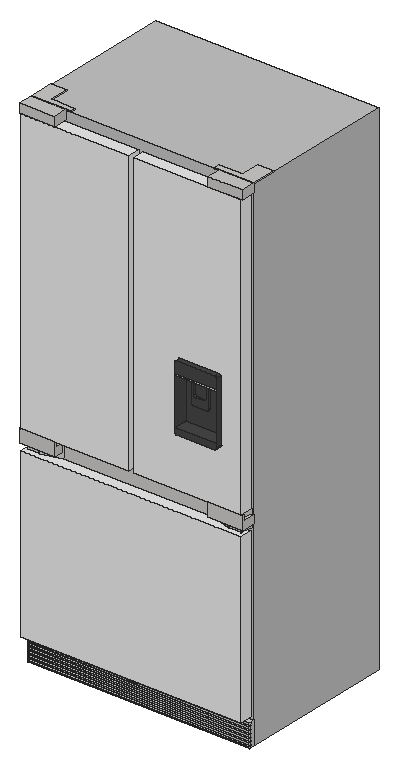
Revit family "FP_Revit_18_RS80AU1_Fridge_90001175A", category Specialty Equipment, Revit 2018 (continued)
Definition of nested family "F&P Handle Kit - Contemporary Square - Vertical"
  Types (11, lengths in mm): name | Handle - Length
    AHD3RD6121W - Contemporary square handle (1 of 2) (Vertical) 727mm | 727
    AHD3RD7621W - Contemporary square handle (1 of 2) (Vertical) 727mm | 727
    RS36A - Contemporary square handle (1 of 2) (Vertical) 727mm | 727
    RS90A - Contemporary square handle (1 of 2) (Vertical) 727mm | 727
  Reference planes
    plane 1 "Center (Front/Back)": y = 0
    plane 2: z = 0
    plane 3 "Center (Left/Right)": x = 0
    plane 4 "Top": z = 363.5
    plane 5 "Bottom": z = -363.5
    plane 6 "Top Standoff": z = 243.5
    plane 7 "Bottom Standoff": z = -243.5
  Forms (mm)
    Extrusion 1, solid, material <- "Material - Handle", detail levels fine
      sketch origin (0, 0, 0) x (1, 0, 0) y (0, 1, 0)
        loop
          arc (-7.583, -28.701) -> (-7.89, -29.057) -> (-8, -29.514) r 1
          line (-8, -29.514) -> (-8, -40.5)
          arc (-8, -40.5) -> (-7.561, -41.561) -> (-6.5, -42) r 1.5
          line (-6.5, -42) -> (6.5, -42)
          arc (6.5, -42) -> (7.561, -41.561) -> (8, -40.5) r 1.5
          line (8, -40.5) -> (8, -29.487)
          arc (8, -29.487) -> (7.889, -29.029) -> (7.58, -28.673) r 1
          arc (7.58, -28.673) -> (-0.006, -26.256) -> (-7.583, -28.701) r 13.038
      from -363.5 to 363.5
    Extrusion 2, solid, material <- "Material - Handle", detail levels fine
      sketch origin (0, 0, 0) x (1, 0, 0) y (0, 1, 0)
        loop
          arc (7.058, -28.23) -> (7.466, -28.244) -> (7.674, -27.893) r 0.4
          line (7.674, -27.893) -> (7.674, 0) -> (-7.674, 0) -> (-7.674, -27.86)
          arc (-7.674, -27.86) -> (-7.467, -28.21) -> (-7.06, -28.198) r 0.4
          arc (-7.06, -28.198) -> (0.004, -26.156) -> (7.058, -28.23) r 13.136
      from 243.5 to 363.5
    Extrusion 3, solid, material <- "Material - Handle", detail levels fine
      sketch origin (0, 0, 0) x (1, 0, 0) y (0, 1, 0)
        loop
          arc (7.058, -28.23) -> (7.466, -28.244) -> (7.674, -27.893) r 0.4
          line (7.674, -27.893) -> (7.674, 0) -> (-7.674, 0) -> (-7.674, -27.86)
          arc (-7.674, -27.86) -> (-7.467, -28.21) -> (-7.06, -28.198) r 0.4
          arc (-7.06, -28.198) -> (0.004, -26.156) -> (7.058, -28.23) r 13.136
      from -363.5 to -243.5
    Sweep 4, void
      path in 3D
        loop
          line (-8, -29.514, 363.5) -> (-8, -40.5, 363.5)
          arc (-8, -40.5, 363.5) -> (-7.561, -41.561, 363.5) -> (-6.5, -42, 363.5) r 1.5
          line (-6.5, -42, 363.5) -> (6.5, -42, 363.5)
          arc (6.5, -42, 363.5) -> (7.561, -41.561, 363.5) -> (8, -40.5, 363.5) r 1.5
          line (8, -40.5, 363.5) -> (8, -29.487, 363.5)
      profile origin (8, -34.994, 363.5) x (-1, 0, 0) y (0, 0, 1)
        loop
          line (0, 0) -> (0, -1.3) -> (1.3, 0) -> (0, 0)
    Sweep 5, void
      path in 3D
        loop
          line (8, -29.487, -363.5) -> (8, -40.5, -363.5)
          arc (8, -40.5, -363.5) -> (7.561, -41.561, -363.5) -> (6.5, -42, -363.5) r 1.5
          line (6.5, -42, -363.5) -> (-6.5, -42, -363.5)
          arc (-6.5, -42, -363.5) -> (-7.561, -41.561, -363.5) -> (-8, -40.5, -363.5) r 1.5
          line (-8, -40.5, -363.5) -> (-8, -29.514, -363.5)
      profile origin (8, -34.994, -363.5) x (-1, 0, 0) y (0, 0, -1)
        loop
          line (0, 0) -> (0, -1.3) -> (1.3, 0) -> (0, 0)
    Extrusion 6, void
      sketch origin (0, 0, 0) x (1, 0, 0) y (0, 0, 1)
        loop
          line (-8, -362.2) -> (-8, -363.5) -> (-6.7, -363.5) -> (-8, -362.2)
        loop
          line (8, -362.2) -> (6.7, -363.5) -> (8, -363.5) -> (8, -362.2)
      from 0 to 40
    Extrusion 7, void
      sketch origin (0, 0, 0) x (1, 0, 0) y (0, 0, 1)
        loop
          line (-8, 363.5) -> (-8, 362.2) -> (-6.7, 363.5) -> (-8, 363.5)
        loop
          line (8, 363.5) -> (6.7, 363.5) -> (8, 362.2) -> (8, 363.5)
      from 0 to 40
    Extrusion 8, solid, material <- "Material - Handle", detail levels coarse+medium
      sketch origin (0, 0, 0) x (0, 1, 0) y (0, 0, 1)
        loop
          line (0, 363.5) -> (-42, 363.5) -> (-42, -363.5) -> (0, -363.5) -> (0, -243.5) -> (-26.245, -243.5) -> (-26.245, 243.5) -> (0, 243.5) -> (0, 363.5)
      from -8 to 8
  Cuts and joins
    Sweep 4, Sweep 5, Extrusion 6, Extrusion 7 cuts Extrusion 1
    Extrusion 6 cuts Extrusion 3
    Extrusion 7 cuts Extrusion 2
  Lines and regions (mm)
    sketch lines
      curve 1: line (8, -40.5, 363.5) -> (8, -29.487, 363.5)
      curve 2: arc (8, -40.5, 363.5) -> (7.561, -41.561, 363.5) -> (6.5, -42, 363.5) r 1.5
      curve 3: line (-6.5, -42, 363.5) -> (6.5, -42, 363.5)
      curve 4: arc (-6.5, -42, 363.5) -> (-7.561, -41.561, 363.5) -> (-8, -40.5, 363.5) r 1.5
      curve 5: line (-8, -29.514, 363.5) -> (-8, -40.5, 363.5)
      curve 6: line (8, -29.487, -363.5) -> (8, -40.5, -363.5)
      curve 7: arc (6.5, -42, -363.5) -> (7.561, -41.561, -363.5) -> (8, -40.5, -363.5) r 1.5
      curve 8: line (6.5, -42, -363.5) -> (-6.5, -42, -363.5)
      curve 9: arc (-8, -40.5, -363.5) -> (-7.561, -41.561, -363.5) -> (-6.5, -42, -363.5) r 1.5
      curve 10: line (-8, -40.5, -363.5) -> (-8, -29.514, -363.5)
  Dimensions and locks
    equal spacing: plane 4 "Top", level, plane 5 "Bottom"
    "Handle - Length": plane 4 "Top" to plane 5 "Bottom"
    locked: plane 4 "Top" to plane 6 "Top Standoff" at 120
    locked: plane 7 "Bottom Standoff" to plane 5 "Bottom" at 120
    aligned and locked: level to plane 2
    aligned and locked: plane 4 "Top" to Extrusion 2
    aligned and locked: Extrusion 2 to plane 6 "Top Standoff"
    aligned and locked: plane 4 "Top" to Extrusion 1
    aligned and locked: Extrusion 1 to plane 5 "Bottom"
    aligned and locked: Extrusion 3 to plane 5 "Bottom"
    aligned and locked: plane 7 "Bottom Standoff" to Extrusion 3
    aligned and locked: plane 4 "Top" to Extrusion 8 sketch curve
    aligned and locked: plane 6 "Top Standoff" to Extrusion 8 sketch curve
    aligned and locked: plane 7 "Bottom Standoff" to Extrusion 8 sketch curve
    aligned and locked: plane 5 "Bottom" to Extrusion 8 sketch curve
    aligned and locked: plane 1 "Center (Front/Back)" to Extrusion 8 sketch curve  (x2)
  Automatic sketch dimensions
    Extrusion 1 sketch curve to plane 3 "Center (Left/Right)" = 8 mm
    Extrusion 1 sketch curve to Extrusion 1 sketch curve = 1 mm  (x2)
    Extrusion 1 sketch curve to Extrusion 1 sketch curve = 1.5 mm
    plane 3 "Center (Left/Right)" to Extrusion 1 sketch curve = 0.018 mm
    plane 3 "Center (Left/Right)" to Extrusion 1 sketch curve = 6.5 mm
    plane 3 "Center (Left/Right)" to Extrusion 1 sketch curve = 7 mm
    plane 1 "Center (Front/Back)" to Extrusion 1 sketch curve = 42 mm
    Extrusion 1 sketch curve to Extrusion 1 sketch curve = 1.206 mm
    Extrusion 1 sketch curve to Extrusion 1 sketch curve = 10.986 mm
    Extrusion 1 sketch curve to Extrusion 1 sketch curve = 11.013 mm
    Extrusion 1 sketch curve to Extrusion 1 sketch curve = 0 mm
    plane 1 "Center (Front/Back)" to Extrusion 2 sketch curve = 0 mm
    Extrusion 2 sketch curve to plane 3 "Center (Left/Right)" = 7.674 mm
    Extrusion 2 sketch curve to Extrusion 2 sketch curve = 0.4 mm  (x2)
    Extrusion 2 sketch curve to plane 3 "Center (Left/Right)" = 0.026 mm
    plane 3 "Center (Left/Right)" to Extrusion 2 sketch curve = 7.274 mm
    plane 1 "Center (Front/Back)" to Extrusion 2 sketch curve = 27.86 mm
    Extrusion 2 sketch curve to Extrusion 2 sketch curve = 0.033 mm
    Extrusion 2 sketch curve to Extrusion 2 sketch curve = 11.398 mm
    Extrusion 2 sketch curve to Extrusion 2 sketch curve = 0 mm
    plane 1 "Center (Front/Back)" to Extrusion 3 sketch curve = 0 mm
    Extrusion 3 sketch curve to Extrusion 3 sketch curve = 0.4 mm  (x2)
    Extrusion 3 sketch curve to Extrusion 3 sketch curve = 7.248 mm
    Extrusion 3 sketch curve to Extrusion 3 sketch curve = 7.3 mm
    plane 1 "Center (Front/Back)" to Extrusion 3 sketch curve = 27.86 mm
    Extrusion 3 sketch curve to Extrusion 3 sketch curve = 0.033 mm
    Extrusion 3 sketch curve to Extrusion 3 sketch curve = 11.398 mm
    Extrusion 3 sketch curve to Extrusion 3 sketch curve = 0 mm
    Sweep 4 sketch curve to profile plane = 0 mm  (x2)
    Sweep 4 sketch curve to profile plane = 1.3 mm  (x2)
    Sweep 5 sketch curve to profile plane = 0 mm  (x2)
    Sweep 5 sketch curve to profile plane = 1.3 mm  (x2)
    Extrusion 6 sketch curve to plane 5 "Bottom" = 0 mm  (x2)
    plane 5 "Bottom" to Extrusion 6 sketch curve = 1.3 mm  (x2)
    Extrusion 6 sketch curve to plane 3 "Center (Left/Right)" = 8 mm
    Extrusion 6 sketch curve to Extrusion 6 sketch curve = 1.3 mm  (x2)
    plane 3 "Center (Left/Right)" to Extrusion 6 sketch curve = 8 mm
    Extrusion 7 sketch curve to plane 4 "Top" = 0 mm  (x2)
    Extrusion 7 sketch curve to plane 3 "Center (Left/Right)" = 8 mm
    Extrusion 7 sketch curve to Extrusion 7 sketch curve = 1.3 mm  (x2)
    plane 3 "Center (Left/Right)" to Extrusion 7 sketch curve = 8 mm
    Extrusion 7 sketch curve to plane 4 "Top" = 1.3 mm  (x2)
    plane 1 "Center (Front/Back)" to Extrusion 8 sketch curve = 26.245 mm
    plane 1 "Center (Front/Back)" to Extrusion 8 sketch curve = 42 mm
    Extrusion 3 sketch curve to plane 3 "Center (Left/Right)" = 7.674 mm
Definition of nested family "F&P Handle Kit - Contemporary Square Fine - Horizontal"
  Parameters (values of type "AHD5RD2484W - Contemporary square fine handle (2 of 2) (Horizontal) 494mm")
    URL = "www.fisherpaykel.com"
    Material - Handle = none
    Manufacturer = "Fisher & Paykel Appliances"
    Handle - Length = 494 mm
  Types (15, lengths in mm): name | Handle - Length
    (no name) | 494
    AHD5RD2484W - Contemporary square fine handle (2 of 2) (Horizontal) 494mm | 494
    AHD5RD2484WB - Contemporary square fine black handle (2 of 2) (Horizontal) 494mm | 494
    AHD5RD3084W - Contemporary square fine handle (2 of 2) (Horizontal) 646mm | 646
    AHD5RD3084WB - Contemporary square fine black handle (2 of 2) (Horizontal) 646mm | 646
    AHD5RD7621W - Contemporary square fine handle (2 of 2) (Horizontal) 646mm | 646
    AHD5RD7621WB - Contemporary square fine handle black (2 of 2) (Horizontal) 646mm | 646
    AHD5RD6121W - Contemporary square fine handle (2 of 2) (Horizontal) 494mm | 494
    AHD5RD6121WB - Contemporary square fine handle black (2 of 2) (Horizontal) 494mm | 494
    AHD5RD36A - Contemporary square fine handle (2 of 2) (Horizontal) 746mm | 746
    AHD5RD36AB - Contemporary square fine black handle (2 of 2) (Horizontal) 746mm | 746
    AHD5RD90A - Contemporary square fine handle (2 of 2) (Horizontal) 746mm | 746
    AHD5RD80A - Contemporary square fine handle (2 of 2) (Horizontal) 646mm | 646
    AHD5RD80AB - Contemporary square fine black handle (2 of 2) (Horizontal) 646mm | 646
    AHD5RD90AB - Contemporary square fine black handle (2 of 2) (Horizontal) 746mm | 746
  Reference planes
    plane 1 "Center (Front/Back)": y = 0
    plane 2: z = 0
    plane 3 "Center (Left/Right)": x = 0
    plane 4 "Product LHS": x = -247
    plane 5 "Product RHS": x = 247
    plane 6 "LHS Standoff": x = -126.995
    plane 7 "RHS Standoff": x = 127.005
  Forms (mm)
    Extrusion 1, solid, material <- "Material - Handle", detail levels fine
      sketch origin (0, 0, 0) x (0, 1, 0) y (0, 0, 1)
        loop
          arc (-26.813, 6.16) -> (-27.196, 6.554) -> (-27.728, 6.686) r 1
          line (-27.728, 6.686) -> (-40.035, 6.256)
          arc (-40.035, 6.256) -> (-40.719, 5.951) -> (-41, 5.257) r 1
          line (-41, 5.257) -> (-41, -5.257)
          arc (-41, -5.257) -> (-40.719, -5.951) -> (-40.035, -6.256) r 1
          line (-40.035, -6.256) -> (-27.709, -6.686)
          arc (-27.709, -6.686) -> (-27.175, -6.554) -> (-26.792, -6.158) r 1
          arc (-26.792, -6.158) -> (-25.256, 0.004) -> (-26.813, 6.16) r 13.038
      from -247 to 247
    Extrusion 2, solid, material <- "Material - Handle", detail levels fine
      sketch origin (0, 0, 0) x (0, 1, 0) y (0, 0, 1)
        loop
          arc (-26.626, -6.008) -> (-26.614, -6.49) -> (-26.2, -6.737) r 0.5
          line (-26.2, -6.737) -> (0, -7.696) -> (0, 7.704) -> (-26.174, 6.747)
          arc (-26.174, 6.747) -> (-26.587, 6.5) -> (-26.6, 6.019) r 0.5
          arc (-26.6, 6.019) -> (-25.156, 0.002) -> (-26.626, -6.008) r 13.136
      from 127.005 to 247
    Extrusion 3, solid, material <- "Material - Handle", detail levels coarse+medium
      sketch origin (0, 0, 0) x (1, 0, 0) y (0, 1, 0)
        loop
          line (-247, -42) -> (247, -42) -> (247, 0) -> (127.005, 0) -> (127.005, -26.156) -> (-126.995, -26.156) -> (-126.995, 0) -> (-247, 0) -> (-247, -42)
      from -8.022 to 7.978
    Extrusion 4, solid, material <- "Material - Handle", detail levels fine
      sketch origin (0, 0, 0) x (0, 1, 0) y (0, 0, 1)
        loop
          arc (-26.626, -6.008) -> (-26.614, -6.49) -> (-26.2, -6.737) r 0.5
          line (-26.2, -6.737) -> (0, -7.696) -> (0, 7.704) -> (-26.174, 6.747)
          arc (-26.174, 6.747) -> (-26.587, 6.5) -> (-26.6, 6.019) r 0.5
          arc (-26.6, 6.019) -> (-25.156, 0.002) -> (-26.626, -6.008) r 13.136
      from -247 to -126.995
  Dimensions and locks
    equal spacing: plane 4 "Product LHS", plane 3 "Center (Left/Right)", plane 5 "Product RHS"
    "Handle - Length": plane 4 "Product LHS" to plane 5 "Product RHS"
    locked: plane 4 "Product LHS" to plane 6 "LHS Standoff" at 120.005
    locked: plane 7 "RHS Standoff" to plane 5 "Product RHS" at 119.995
    aligned and locked: level to plane 2
    aligned and locked: Extrusion 1 to plane 5 "Product RHS"
    aligned and locked: plane 4 "Product LHS" to Extrusion 1
    aligned and locked: Extrusion 2 to plane 5 "Product RHS"
    aligned and locked: plane 4 "Product LHS" to Extrusion 3 sketch curve
    aligned and locked: Extrusion 3 sketch curve to plane 5 "Product RHS"
    aligned and locked: Extrusion 3 sketch curve to plane 7 "RHS Standoff"
    aligned and locked: plane 6 "LHS Standoff" to Extrusion 3 sketch curve
    aligned and locked: plane 4 "Product LHS" to Extrusion 4
    aligned and locked: plane 6 "LHS Standoff" to Extrusion 4
    aligned and locked: Extrusion 2 to plane 7 "RHS Standoff"
  Automatic sketch dimensions
    Extrusion 1 sketch curve to level = 5.257 mm
    plane 1 "Center (Front/Back)" to Extrusion 1 sketch curve = 41 mm
    level to Extrusion 1 sketch curve = 6.256 mm
    Extrusion 1 sketch curve to Extrusion 1 sketch curve = 0.965 mm  (x2)
    Extrusion 1 sketch curve to level = 6.256 mm
    Extrusion 1 sketch curve to Extrusion 1 sketch curve = 0.035 mm  (x3)
    Extrusion 1 sketch curve to level = 0.018 mm
    Extrusion 1 sketch curve to Extrusion 1 sketch curve = 1.706 mm
    level to Extrusion 1 sketch curve = 6.686 mm
    Extrusion 1 sketch curve to Extrusion 1 sketch curve = 12.307 mm
    Extrusion 1 sketch curve to level = 6.686 mm
    Extrusion 1 sketch curve to Extrusion 1 sketch curve = 12.326 mm
    Extrusion 1 sketch curve to Extrusion 1 sketch curve = 0.999 mm  (x2)
    Extrusion 1 sketch curve to Extrusion 1 sketch curve = 0 mm
    Extrusion 2 sketch curve to plane 1 "Center (Front/Back)" = 0 mm
    level to Extrusion 2 sketch curve = 6.247 mm
    plane 1 "Center (Front/Back)" to Extrusion 2 sketch curve = 26.155 mm
    level to Extrusion 2 sketch curve = 6.747 mm
    Extrusion 2 sketch curve to Extrusion 2 sketch curve = 0.018 mm  (x2)
    Extrusion 2 sketch curve to level = 6.238 mm
    Extrusion 2 sketch curve to Extrusion 2 sketch curve = 0.026 mm
    Extrusion 2 sketch curve to level = 6.737 mm
    level to Extrusion 2 sketch curve = 0.03 mm
    Extrusion 2 sketch curve to Extrusion 2 sketch curve = 12.11 mm
    Extrusion 2 sketch curve to level = 7.696 mm
    level to Extrusion 2 sketch curve = 7.704 mm
    Extrusion 2 sketch curve to Extrusion 2 sketch curve = 0 mm
    plane 1 "Center (Front/Back)" to Extrusion 3 sketch curve = 42 mm
    Extrusion 3 sketch curve to Extrusion 3 sketch curve = 15.844 mm
    Extrusion 3 sketch curve to Extrusion 3 sketch curve = 26.156 mm  (x2)
    level to Extrusion 4 sketch curve = 0.03 mm
    plane 1 "Center (Front/Back)" to Extrusion 4 sketch curve = 38.291 mm
    Extrusion 4 sketch curve to level = 6.737 mm
    Extrusion 4 sketch curve to Extrusion 4 sketch curve = 12.091 mm
    Extrusion 4 sketch curve to Extrusion 4 sketch curve = 0.018 mm  (x2)
    level to Extrusion 4 sketch curve = 6.747 mm
    Extrusion 4 sketch curve to Extrusion 4 sketch curve = 0.008 mm
    level to Extrusion 4 sketch curve = 7.704 mm
    Extrusion 4 sketch curve to Extrusion 4 sketch curve = 26.174 mm
    Extrusion 4 sketch curve to level = 7.696 mm
    Extrusion 4 sketch curve to Extrusion 4 sketch curve = 0.5 mm  (x2)
    Extrusion 4 sketch curve to Extrusion 4 sketch curve = 0 mm
Definition of nested family "F&P Handle Kit - Contemporary Square Fine - Vertical"
  Parameters (values of type "AHD5RD90AB - Contemporary square fine black handle (1 of 2) (Vertical) 727mm")
    URL = "www.fisherpaykel.com"
    Material - Handle = none
    Manufacturer = "Fisher & Paykel Appliances"
    Handle - Length = 727 mm
  Types (14): name
    AHD5RD2484W - Contemporary square fine handle (1 of 2) (Vertical) 727mm
    AHD5RD2484WB - Contemporary square fine black handle (1 of 2) (Vertical) 727mm
    AHD5RD3084W - Contemporary square fine handle (1 of 2) (Vertical) 727mm
    AHD5RD3084WB - Contemporary square fine black handle (1 of 2) (Vertical) 727mm
    AHD5RD6121W - Contemporary square fine handle (1 of 2) (Vertical) 727mm
    AHD5RD6121WB - Contemporary square fine black handle (1 of 2) (Vertical) 727mm
    AHD5RD7621W - Contemporary square fine handle (1 of 2) (Vertical) 727mm
    AHD5RD7621WB - Contemporary square fine black handle (1 of 2) (Vertical) 727mm
    AHD5RD36A - Contemporary square fine handle (1 of 2) (Vertical) 727mm
    AHD5RD36AB - Contemporary square fine black handle (1 of 2) (Vertical) 727mm
    AHD5RD80A - Contemporary square fine handle (1 of 2) (Vertical) 727mm
    AHD5RD90A - Contemporary square fine handle (1 of 2) (Vertical) 727mm
    AHD5RD80AB - Contemporary square fine black handle (1 of 2) (Vertical) 727mm
    AHD5RD90AB - Contemporary square fine black handle (1 of 2) (Vertical) 727mm
  Reference planes
    plane 1 "Center (Front/Back)": y = 0
    plane 2: z = 0
    plane 3 "Center (Left/Right)": x = 0
    plane 4 "Top": z = 363.5
    plane 5 "Bottom": z = -363.5
    plane 6 "Top Standoff": z = 243.5
    plane 7 "Bottom Standoff": z = -243.5
  Forms (mm)
    Extrusion 1, solid, material <- "Material - Handle", detail levels fine
      sketch origin (0, 0, 0) x (1, 0, 0) y (0, 1, 0)
        loop
          arc (-6.16, -26.813) -> (-6.554, -27.196) -> (-6.686, -27.728) r 1
          line (-6.686, -27.728) -> (-6.256, -40.035)
          arc (-6.256, -40.035) -> (-5.951, -40.719) -> (-5.257, -41) r 1
          line (-5.257, -41) -> (5.257, -41)
          arc (5.257, -41) -> (5.951, -40.719) -> (6.256, -40.035) r 1
          line (6.256, -40.035) -> (6.686, -27.709)
          arc (6.686, -27.709) -> (6.554, -27.175) -> (6.158, -26.792) r 1
          arc (6.158, -26.792) -> (-0.004, -25.256) -> (-6.16, -26.813) r 13.038
      from -363.5 to 363.5
    Extrusion 2, solid, material <- "Material - Handle", detail levels fine
      sketch origin (0, 0, 0) x (1, 0, 0) y (0, 1, 0)
        loop
          arc (6.012, -26.626) -> (6.494, -26.614) -> (6.741, -26.2) r 0.5
          line (6.741, -26.2) -> (7.7, 0) -> (-7.7, 0) -> (-6.742, -26.174)
          arc (-6.742, -26.174) -> (-6.496, -26.587) -> (-6.015, -26.6) r 0.5
          arc (-6.015, -26.6) -> (0.002, -25.156) -> (6.012, -26.626) r 13.136
      from 243.5 to 363.5
    Extrusion 3, solid, material <- "Material - Handle", detail levels coarse+medium
      sketch origin (0, 0, 0) x (0, 1, 0) y (0, 0, 1)
        loop
          line (0, 363.5) -> (-42, 363.5) -> (-42, -363.5) -> (0, -363.5) -> (0, -243.5) -> (-26.245, -243.5) -> (-26.245, 243.5) -> (0, 243.5) -> (0, 363.5)
      from -8 to 8
    Extrusion 4, solid, material <- "Material - Handle", detail levels fine
      sketch origin (0, 0, 0) x (1, 0, 0) y (0, 1, 0)
        loop
          arc (6.012, -26.626) -> (6.494, -26.614) -> (6.741, -26.2) r 0.5
          line (6.741, -26.2) -> (7.7, 0) -> (-7.7, 0) -> (-6.742, -26.174)
          arc (-6.742, -26.174) -> (-6.496, -26.587) -> (-6.015, -26.6) r 0.5
          arc (-6.015, -26.6) -> (0.002, -25.156) -> (6.012, -26.626) r 13.136
      from -363.5 to -243.5
  Dimensions and locks
    equal spacing: plane 4 "Top", level, plane 5 "Bottom"
    "Handle - Length": plane 4 "Top" to plane 5 "Bottom"
    locked: plane 4 "Top" to plane 6 "Top Standoff" at 120
    locked: plane 7 "Bottom Standoff" to plane 5 "Bottom" at 120
    aligned and locked: level to plane 2
    aligned and locked: plane 4 "Top" to Extrusion 2
    aligned and locked: Extrusion 2 to plane 6 "Top Standoff"
    aligned and locked: plane 4 "Top" to Extrusion 1
    aligned and locked: Extrusion 1 to plane 5 "Bottom"
    aligned and locked: plane 4 "Top" to Extrusion 3 sketch curve
    aligned and locked: plane 6 "Top Standoff" to Extrusion 3 sketch curve
    aligned and locked: plane 7 "Bottom Standoff" to Extrusion 3 sketch curve
    aligned and locked: plane 5 "Bottom" to Extrusion 3 sketch curve
    aligned and locked: Extrusion 4 to plane 5 "Bottom"
    aligned and locked: plane 7 "Bottom Standoff" to Extrusion 4
  Automatic sketch dimensions
    Extrusion 1 sketch curve to plane 3 "Center (Left/Right)" = 6.686 mm
    Extrusion 1 sketch curve to plane 3 "Center (Left/Right)" = 6.256 mm
    Extrusion 1 sketch curve to Extrusion 1 sketch curve = 0.999 mm  (x4)
    plane 3 "Center (Left/Right)" to Extrusion 1 sketch curve = 0.018 mm
    plane 3 "Center (Left/Right)" to Extrusion 1 sketch curve = 5.257 mm
    plane 3 "Center (Left/Right)" to Extrusion 1 sketch curve = 5.687 mm
    plane 1 "Center (Front/Back)" to Extrusion 1 sketch curve = 41 mm
    Extrusion 1 sketch curve to Extrusion 1 sketch curve = 0.965 mm  (x2)
    Extrusion 1 sketch curve to Extrusion 1 sketch curve = 1.706 mm
    Extrusion 1 sketch curve to Extrusion 1 sketch curve = 12.307 mm
    Extrusion 1 sketch curve to Extrusion 1 sketch curve = 12.326 mm
    Extrusion 1 sketch curve to Extrusion 1 sketch curve = 0.035 mm  (x2)
    Extrusion 1 sketch curve to Extrusion 1 sketch curve = 0 mm
    plane 1 "Center (Front/Back)" to Extrusion 2 sketch curve = 0 mm
    Extrusion 2 sketch curve to plane 3 "Center (Left/Right)" = 7.7 mm
    Extrusion 2 sketch curve to plane 3 "Center (Left/Right)" = 6.742 mm
    Extrusion 2 sketch curve to Extrusion 2 sketch curve = 0.5 mm  (x2)
    Extrusion 2 sketch curve to plane 3 "Center (Left/Right)" = 0.026 mm
    plane 3 "Center (Left/Right)" to Extrusion 2 sketch curve = 6.242 mm
    plane 3 "Center (Left/Right)" to Extrusion 2 sketch curve = 7.7 mm
    plane 1 "Center (Front/Back)" to Extrusion 2 sketch curve = 26.155 mm
    Extrusion 2 sketch curve to Extrusion 2 sketch curve = 0.018 mm  (x2)
    Extrusion 2 sketch curve to Extrusion 2 sketch curve = 0.026 mm
    Extrusion 2 sketch curve to Extrusion 2 sketch curve = 12.11 mm
    Extrusion 2 sketch curve to Extrusion 2 sketch curve = 0 mm
    plane 1 "Center (Front/Back)" to Extrusion 3 sketch curve = 42 mm
    Extrusion 3 sketch curve to Extrusion 3 sketch curve = 15.755 mm
    Extrusion 3 sketch curve to Extrusion 3 sketch curve = 42 mm  (x2)
    Extrusion 4 sketch curve to plane 3 "Center (Left/Right)" = 7.7 mm
    Extrusion 4 sketch curve to plane 3 "Center (Left/Right)" = 6.742 mm
    Extrusion 4 sketch curve to Extrusion 4 sketch curve = 0.5 mm  (x2)
    Extrusion 4 sketch curve to plane 3 "Center (Left/Right)" = 0.026 mm
    plane 3 "Center (Left/Right)" to Extrusion 4 sketch curve = 6.242 mm
    plane 3 "Center (Left/Right)" to Extrusion 4 sketch curve = 7.7 mm
    plane 1 "Center (Front/Back)" to Extrusion 4 sketch curve = 38.291 mm
    Extrusion 4 sketch curve to Extrusion 4 sketch curve = 12.091 mm
    Extrusion 4 sketch curve to Extrusion 4 sketch curve = 0.018 mm  (x2)
    Extrusion 4 sketch curve to Extrusion 4 sketch curve = 0.452 mm
    Extrusion 4 sketch curve to Extrusion 4 sketch curve = 26.174 mm
    Extrusion 4 sketch curve to Extrusion 4 sketch curve = 0 mm
Definition of nested family "Comment Marker 2D"
  Types (3): name
    New
    Resolved
    Active
  Reference planes
    plane 1: y = 0
    plane 2: x = 0
  Text (mm)
    text "Edit Type: \nTo control handle kit \nand door panel visibility\n options\n\nDelete unwanted kits \nto reduce file size" at (-0.165, 35.556, 0)
